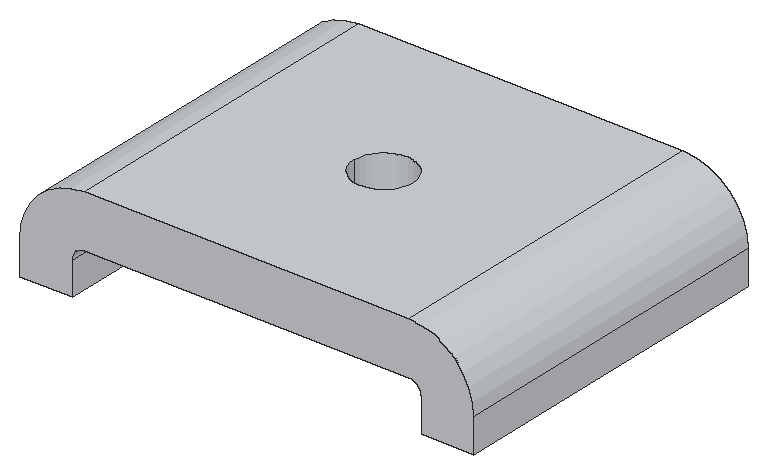
Revit family "Fitting-U_Shape-Unistrut-P2800-25", category Specialty Equipment, Revit 2012
Parameters (values of type "P2800-25")
  ecoScorecard_data = "http://products.ecoscorecard.com/atkore/P2800-25"
  ecoScorecard Product Page = "http://products.ecoscorecard.com/atkore/P2800-25?action=html"
  Weight Per Piece = 0.14 lbf
  Unit = none
  Unistrut Part Number = "P2800-25"  # constant formula
  URL = "http://unistrut.us/index.php"
  Thickness = 1/4"
  Subcategory = "U Shape Fittings"
  Product Page URL = "http://unistrut.us/index.php?WP=cat_detail&S=S05&P=P2800"
  Power Strut Part Number = "PS 623"  # constant formula
  Part Type = "Fitting"  # constant formula
  Overall Width = 2 5/32"  # constant formula
  Overall Length = 1 5/8"  # constant formula
  Overall Height = 15/32"  # constant formula
  Model = "P2800-25"
  Material = ""
  Manufacturer Phone - Toll Free = "800-882-5543"  # constant formula
  Manufacturer Phone = "708-339-1610"  # constant formula
  Manufacturer Fax = "708-339-7814"  # constant formula
  Manufacturer Email = "mailto:jshaw@atkore.com"
  Manufacturer Address = "16100 South Lathrop Avenue, Harvey, IL 60426"  # constant formula
  Manufacturer = "Unistrut by Atkore International"  # constant formula
  Load Capacity Note = "Visit the product page for load application and capacity."  # constant formula
  Literature URL = "http://unistrut.us/index.php?WP=LItLibrary"
  Hole Radius = 9/64"
  Hole Diameter = Hole Radius * 2  # 9/32"
  Cost Info = "mailto:jshaw@atkore.com"
  Construction Note = ""
  Category = "Specialty Equipment"  # constant formula
  CAD URL = "http://unistrut.us/index.php?WP=CAD3d"
  Bolt Size = 1/4"
  Assembly Code = "D5020100"
  Allowable Moment = 0 N·m
  95 CSI = "16070"  # constant formula
  04 CSI = "26 05 48"  # constant formula
Types (6): name | ecoScorecard_data | ecoScorecard Product Page | Weight Per Piece | Model | Manufacturer Email | Hole Radius | Hole Diameter | Cost Info | Bolt Size
  (no name) | "http://products.ecoscorecard.com/atkore/P2800-25" | "http://products.ecoscorecard.com/atkore/P2800-25?action=html" | 0.14 lbf | "P2800-25" | "mailto:jshaw@atkore.com" | 9/64" | 9/32" | "mailto:jshaw@atkore.com" | 1/4"
  P2800-25 | "http://products.ecoscorecard.com/atkore/P2800-25" | "http://products.ecoscorecard.com/atkore/P2800-25?action=html" | 0.14 lbf | "P2800-25" | "mailto:jshaw@atkore.com" | 9/64" | 9/32" | "mailto:jshaw@atkore.com" | 1/4"
  P2800-37 | "http://products.ecoscorecard.com/atkore/P2800-37" | "http://products.ecoscorecard.com/atkore/P2800-37?action=html" | 0.14 lbf | "P2800-37" | "mailto:questions@atkore.com" | 7/32" | 7/16" | "mailto:questions@atkore.com" | 3/8"
  P2800-50 | "http://products.ecoscorecard.com/atkore/P2800-50" | "http://products.ecoscorecard.com/atkore/P2800-50?action=html" | 0.13 lbf | "P2800-50" | "mailto:questions@atkore.com" | 9/32" | 9/16" | "mailto:questions@atkore.com" | 1/2"
  P2800-62 | "http://products.ecoscorecard.com/atkore/P2800-62" | "http://products.ecoscorecard.com/atkore/P2800-62?action=html" | 0.13 lbf | "P2800-62" | "mailto:questions@atkore.com" | 11/32" | 11/16" | "mailto:questions@atkore.com" | 5/8"
  P2800-75 | "http://products.ecoscorecard.com/atkore/P2800-75" | "http://products.ecoscorecard.com/atkore/P2800-75?action=html" | 0.13 lbf | "P2800-75" | "mailto:questions@atkore.com" | 13/32" | 13/16" | "mailto:questions@atkore.com" | 3/4"
Reference planes (in)
  plane 1 "Center (Front/Back)": y = 0
  plane 2: z = 0
  plane 3 "Center (Left/Right)": x = 0
  plane 4: x = 0.5625
  plane 5: x = 1.07813
  plane 6: x = -0.5625
  plane 7: x = -1.07813
  plane 8: y = 0.8125
  plane 9: y = -0.8125
  plane 10: z = 0.25
  plane 11: z = -0.21875
Dimensions and locks (in)
  equal spacing: plane 8, plane 1 "Center (Front/Back)", plane 9
  "Overall Length": plane 8 to plane 9
  "Overall Height": plane 10 to plane 11
  equal spacing: plane 7, plane 3 "Center (Left/Right)", plane 5
  "Overall Width": plane 7 to plane 5
  aligned and locked: level to plane 2
  aligned and locked: plane 3 "Center (Left/Right)" to nested 1
  aligned and locked: plane 1 "Center (Front/Back)" to nested 1
  aligned and locked: nested 1 to level
Nested families (in)
  nested 1: "P2800-25-75" at (0, 0, -0.21875), type "P2800-25-75"
Definition of nested family "P2800-25-75"
  Parameters (values of type "P2800-25-75")
    Unit = none
    URL = ""
    Thickness = 1/4"
    Overall Width = 2 5/32"
    Overall Length = 1 5/8"
    Overall Height = 15/32"
    Manufacturer = ""
    Hole Radius = 9/64"
    Hole Diameter = Hole Radius * 2  # 9/32"
    Construction Note = ""
    Assembly Code = "D5020100"
  Reference planes (in)
    plane 1 "Center (Front/Back)": y = 0
    plane 2: z = 0
    plane 3 "Center (Left/Right)": x = 0
    plane 4: z = 0.46875
    plane 5: x = 0.82813
    plane 6: x = 1.07813
    plane 7: x = -0.82813
    plane 8: x = -1.07813
    plane 9: y = 0.8125
    plane 10: y = -0.8125
  Forms (in)
    Extrusion 1, void
      sketch origin (0, 0, 0) x (1, 0, 0) y (0, 1, 0)
        loop
          circle (0, 0) r 0.14063
      from 0.46875 to 0.21875
    Sweep 2, solid, material <- "Unit"
      path origin (0, 0, 0) x (1, 0, 0) y (0, 1, 0)
        loop
          line (0, -0.8125) -> (0, 0.8125)
      profile origin (0, 0, 0) x (-1, 0, 0) y (0, 0, 1)
        loop
          arc (1.07812, 0.16016) -> (0.98774, 0.37836) -> (0.76953, 0.46875) r 0.30859
          line (0.76953, 0.46875) -> (-0.76953, 0.46875)
          arc (-0.76953, 0.46875) -> (-0.98774, 0.37836) -> (-1.07813, 0.16016) r 0.30859
          line (-1.07813, 0.16016) -> (-1.07812, 0) -> (-0.82813, 0) -> (-0.82813, 0.16016)
          arc (-0.82813, 0.16016) -> (-0.81096, 0.20159) -> (-0.76953, 0.21875) r 0.05859
          line (-0.76953, 0.21875) -> (0.76953, 0.21875)
          arc (0.76953, 0.21875) -> (0.81096, 0.20159) -> (0.82813, 0.16016) r 0.05859
          line (0.82813, 0.16016) -> (0.82813, 0) -> (1.07812, 0) -> (1.07812, 0.16016)
  Cuts and joins
    Extrusion 1 cuts Sweep 2
  Dimensions and locks (in)
    "Thickness": plane 6 to plane 5
    "Overall Height": plane 4 to level
    "Thickness": plane 8 to plane 7
    equal spacing: plane 9, plane 1 "Center (Front/Back)", plane 10
    "Overall Length": plane 9 to plane 10
    equal spacing: plane 8, plane 3 "Center (Left/Right)", plane 6
    "Overall Width": plane 8 to plane 6
    "Hole Radius": radius of Extrusion 1 sketch curve
    aligned and locked: level to plane 2
    aligned and locked: plane 3 "Center (Left/Right)" to Sweep 2 sketch curve
    aligned and locked: plane 9 to Sweep 2 sketch curve
    aligned and locked: plane 10 to Sweep 2 sketch curve
    aligned and locked: Extrusion 1 to plane 4
    aligned and locked: plane 6 to Sweep 2 sketch curve
    aligned and locked: Sweep 2 sketch curve to plane 5
    aligned and locked: plane 8 to Sweep 2 sketch curve
    aligned and locked: Sweep 2 sketch curve to plane 7
  Automatic sketch dimensions
    plane 1 "Center (Front/Back)" to Extrusion 1 sketch curve = 0"
    Extrusion 1 sketch curve to plane 3 "Center (Left/Right)" = 0"
    Sweep 2 sketch curve to Sweep 2 sketch curve = 0"  (x3)
    Sweep 2 sketch curve to level = 0"  (x2)
    Sweep 2 sketch curve to Sweep 2 sketch curve = 15/256"  (x2)
    Sweep 2 sketch curve to Sweep 2 sketch curve = 41/256"
